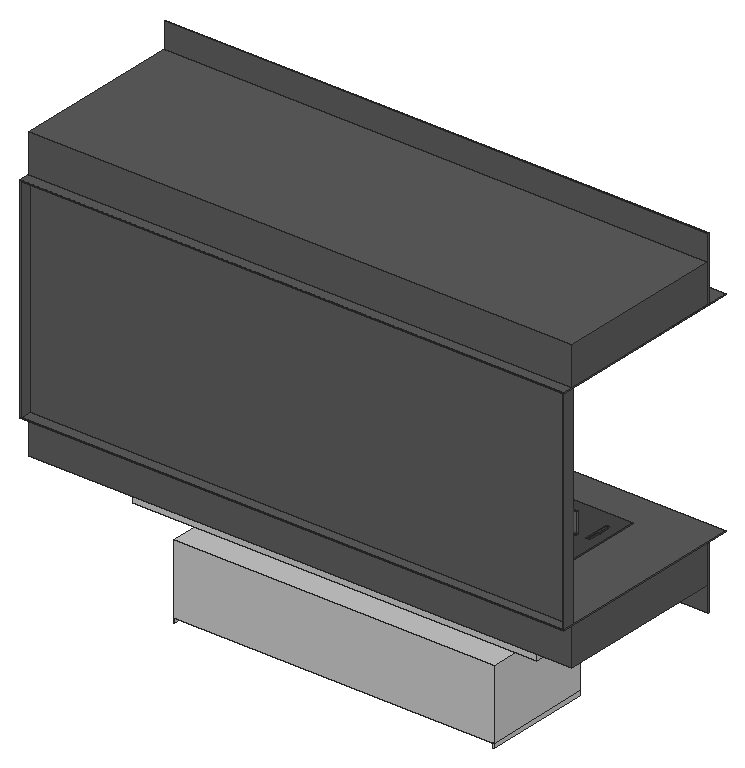
Revit family "1PLANIKA_FLA3_XL_CASING_FORMA_THREE-SIDED", category Attrezzatura meccanica, host Muro, Revit 2017
Family settings
  Host = Muro
  Quota connettore circolare = Usa diametro
  Tipo di parte = Normale
  Sempre verticale = Sì
  Taglio con vuoti quando caricato = No
  Condiviso = No
  Punto di calcolo locali = Sì
Parameters (values of type "FLA3_XL_FORMA_1200_THREE-SIDED")
  URL = "https://www.planikafires.com"
  TECHNICAL SHEET = "https://www.planikausa.com/indoor-ethanol-fireplaces/3-sided/forma-bay/"
  PRODUCT SHEET = "https://www.archiproducts.com/en/products/planika/bioethanol-fireplace-insert-fla-3-xl-in-casing-forma_431074"
  POWER SUPPLY = 230 V
  NET WEIGHT = 78.30 kg
  Modello = "FLA3 XL in FORMA THREE-SIDED"
  Produttore = "PLANIKA"
  MINIMUM ROOM CUBATURE = 81 m³
  MAXIMUM HEAT OUTPUT = 8.1 kWh
  MAXIMUM BURN TIME = "10 hours"
  MATERIAL DESCRIPTION = "Steel, galvanized steel, toughened glass."
  LENGTH = 1301 mm
  HEIGHT = 710 mm
  FUEL TYPE = "Bioethanol 86 - 96,6%"
  FUEL TANK CAPACITY = 17.2 L
  FORMA LENGTH = 1301 mm
  FLAME HEIGHT REGULATION = "6 stages"
  FLA 3 LENGTH = 990 mm
  FINISHING MATERIAL = Black painted steel -  Planika
  ENVIRONMENTAL PERFORMANCE = "Maximum heat output: 8.1 kWh"
  Descrizione = "One of the greatest advantages of this bio-ethanol fireplace is that thanks to the zero clearance, self-contained construction it gives designers endless arrangements possibilities. FORMA three sided firebox is a perfect fit for both - classy or modern look houses and apartments. Because FORMA three sided firebox doesn’t require chimney or ventilation system, it is a perfect match to any living space, residential or commercial."
  DEPTH = 450 mm
  CASING FINISH = Black powder coated steel - Planika
  BIM USER MANUAL = "https://img.edilportale.com/bim/Planika-manual-Planika-bim.pdf"
  BIM BADGE = "https://bim.archiproducts.com/en/badge/bim-archiproducts-featured_658700/about"
  BIM AUTHOR = "https://bim.archiproducts.com"
  APPLICATION = "For indoor use only"
  AIR CHANGE RATE = "1 space volume per hour"
Types (6, lengths in mm): name | NET WEIGHT | MINIMUM ROOM CUBATURE | MAXIMUM HEAT OUTPUT | MAXIMUM BURN TIME | LENGTH | FUEL TANK CAPACITY | FORMA LENGTH | FLA 3 LENGTH | ENVIRONMENTAL PERFORMANCE
  FLA3_XL_FORMA_1200_THREE-SIDED | 78.30 kg | 81 m³ | 8.1 kWh | "10 hours" | 1301 | 17.2 L | 1301 | 990 | "Maximum heat output: 8.1 kWh"
  FLA3_XL_FORMA_1000_THREE-SIDED | 65.30 kg | 69 m³ | 6.9 kWh | "32 hours" | 1098 | 13.4 L | 1098 | 790 | "Maximum heat output: 6.9 kWh"
  FLA3_XL_FORMA_1500_THREE-SIDED | 95.10 kg | 113 m³ | 11.2 kWh | "10 hours" | 1606 | 21.0 L | 1606 | 1190 | "Maximum heat output: 11.2 kWh"
  FLA3_XL_FORMA_1800_THREE-SIDED | 112.50 kg | 150 m³ | 15 kWh | "10 hours" | 1911 | 26.8 L | 1911 | 1490 | "Maximum heat output: 15 kWh"
  FLA3_XL_FORMA_2300_THREE-SIDED | 157.30 kg | 212 m³ | 21.2 kWh | "10 hours" | 2419 | 36.3 L | 2419 | 1990 | "Maximum heat output: 21.2 kWh"
  FLA3_XL_FORMA_2700_THREE-SIDED | 230.90 kg | 275 m³ | 27.5 kWh | "10 hours" | 2774 | 45.9 L | 2774 | 2490 | "Maximum heat output: 27.5 kWh"
Reference planes
  plane 1 "Wall": y = 0
  plane 2 "Center (Left/Right)": x = 125
  plane 3 "Back": y = 250
  plane 4: x = 775.5
  plane 5: x = -525.5
Forms (mm)
  Extrusion 1, void
    sketch origin (125, 0, 0) x (0, 1, 0) y (0, 0, 1)
      loop
        line (-206, 1898.739) -> (-206, 1390.739) -> (250, 1390.739) -> (250, 1898.739) -> (-206, 1898.739)
    from -650.5 to 650.5
Text (mm)
  text "Placement Side" at (-1848.837, 1116.779, 0), in view "Ref. Level"
  text "Placement side" at (0, 1409.804, 2854.306), in view "Left"
  text "Placement side" at (0, 499.811, 2980.732), in view "Right"
Dimensions and locks
  locked: plane 3 "Back" to host wall
  equal spacing: plane 4, plane 2 "Center (Left/Right)", plane 5
  "FORMA LENGTH": plane 4 to plane 5
  locked: plane 3 "Back" to nested 2 at 228.2
  aligned and locked: plane 1 "Wall" to host wall
  aligned and locked: nested 1 to plane 2 "Center (Left/Right)"
  aligned and locked: nested 2 to plane 2 "Center (Left/Right)"
  aligned and locked: plane 3 "Back" to Extrusion 1 sketch curve
  aligned and locked: nested 1 to plane 3 "Back"
  aligned and locked: Extrusion 1 to plane 5
  aligned and locked: plane 4 to Extrusion 1
  aligned and locked: Extrusion 1 sketch curve to nested 1  (x2)
  aligned and locked: nested 1 to Extrusion 1 sketch curve
Nested families
  nested 1: "CASING_FORMA" at (125, 200, 1644.739) x (-1, 0, 0) z (0, 1, 0), Length <- "FORMA LENGTH", MATERIAL <- "CASING FINISH", type "CASING_FORMA"
    with MATERIAL Black powder coated steel - Planika, Length 1301 mm
  nested 2: "FLA_3_XL" at (125, 21.8, 993.239) x (-1, 0, 0) z (0, 0, 1), Length <- "FLA 3 LENGTH", Material <- "FINISHING MATERIAL", type "FLA_3_XL"
Connectors
  electrical at (77.672, -76.643, 1213.239), driven by "POWER SUPPLY"
    settings: on nested 2, index 1, voltage 230 V, apparent load 0 VA, apparent load phase1 0 VA, apparent load phase2 0 VA, apparent load phase3 0 VA, power factor 1, load classification "Power", number of poles 1, system type 31, power factor state 1, is connector primary yes, connector utility no, sub classification motor no, connector description ""
Definition of nested family "CASING_FORMA"
  Parameters (values of type "CASING_FORMA")
    Width = 406 mm
    Height = 688 mm
    Length [instance] = 1301 mm
    MATERIAL [instance] = none
    Default Elevation = 1219.2 mm
  Reference planes
    plane 1 "Center (Front/Back)": y = 0
    plane 2: z = 0
    plane 3 "Center (Left/Right)": x = 0
    plane 4: x = -645.5
    plane 5: x = 645.5
    plane 6: y = 344
    plane 7: y = -344
    plane 8: z = -406
    plane 9: x = -650.5
    plane 10: x = 650.5
  Forms (mm)
    Extrusion 1, solid, material <- "MATERIAL", detail levels medium+fine
      sketch origin (0, 0, 0) x (1, 0, 0) y (0, 1, 0)
        loop
          line (-645.5, -254) -> (645.5, -254) -> (645.5, -251.5) -> (-645.5, -251.5) -> (-645.5, -254)
        loop
          line (-645.5, 254) -> (-645.5, 251.5) -> (645.5, 251.5) -> (645.5, 254) -> (-645.5, 254)
      from -431 to 50
    Extrusion 2, solid, material <- "MATERIAL", detail levels fine
      sketch origin (0, 0, 0) x (1, 0, 0) y (0, 1, 0)
        loop
          line (-645.5, 254) -> (645.5, 254) -> (645.5, 404) -> (-645.5, 404) -> (-645.5, 254)
      from -2.5 to 0
    Extrusion 3, solid, material <- "MATERIAL", detail levels fine
      sketch origin (0, 300, 0) x (1, 0, 0) y (0, 1, 0)
        loop
          line (-645.5, -554) -> (-645.5, -704) -> (645.5, -704) -> (645.5, -554) -> (-645.5, -554)
      from -2.5 to 0
    Extrusion 4, solid, material <- "MATERIAL", detail levels medium+fine
      sketch origin (0, 0, 0) x (1, 0, 0) y (0, 1, 0)
        loop
          line (-643, 251.5) -> (-643, -251.5) -> (643, -251.5) -> (643, 251.5) -> (-643, 251.5)
      from -406 to -403.5
    Extrusion 5, solid, material <- "MATERIAL", detail levels medium+fine
      sketch origin (0, 0, 0) x (1, 0, 0) y (0, 0, 1)
        loop
          line (-645.5, -406) -> (645.5, -406) -> (645.5, -2.5) -> (-645.5, -2.5) -> (-645.5, -406)
      from -344 to -254
    Extrusion 6, solid, material <- "MATERIAL", detail levels medium+fine
      sketch origin (10, 0, 0) x (1, 0, 0) y (0, 0, 1)
        loop
          line (-655.5, -406) -> (635.5, -406) -> (635.5, -2.5) -> (-655.5, -2.5) -> (-655.5, -406)
      from 254 to 344
    Extrusion 7, solid, material <- "MATERIAL", detail levels medium+fine
      sketch origin (0, 0, 0) x (1, 0, 0) y (0, 1, 0)
        loop
          line (-645.5, -251.5) -> (-643, -251.5) -> (-643, 251.5) -> (-645.5, 251.5) -> (-645.5, -251.5)
        loop
          line (643, -251.5) -> (645.5, -251.5) -> (645.5, 251.5) -> (643, 251.5) -> (643, -251.5)
      from -403.5 to -431
  Dimensions and locks
    equal spacing: plane 4, plane 3 "Center (Left/Right)", plane 5
    equal spacing: plane 7, plane 1 "Center (Front/Back)", plane 6
    "Height": plane 7 to plane 6
    "Width": plane 2 to plane 8
    locked: Extrusion 1 sketch curve to Extrusion 1 sketch curve at 2.5  (x2)
    Extrusion 2 sketch curve to plane 6 to Extrusion 2 sketch curve = 60 mm locked, 90 mm locked
    Extrusion 3 sketch curve to plane 7 to Extrusion 3 sketch curve = 90 mm locked, 60 mm locked
    locked: Extrusion 3 to Extrusion 3 at 2.5
    locked: Extrusion 2 to Extrusion 2 at 2.5
    locked: Extrusion 1 to plane 2 at 50
    locked: Extrusion 1 to plane 8 at 25
    locked: Extrusion 4 to plane 8 at 2.5
    locked: plane 5 to plane 10 at 5
    locked: plane 9 to plane 4 at 5
    "Length": plane 9 to plane 10
    locked: Extrusion 4 to Extrusion 4 at 2.5
    aligned and locked: level to plane 2
    aligned and locked: Extrusion 1 sketch curve to plane 4
    aligned and locked: Extrusion 1 sketch curve to plane 5
    aligned and locked: Extrusion 1 sketch curve to Extrusion 2
    aligned and locked: plane 2 to Extrusion 2
    aligned and locked: plane 2 to Extrusion 3
    aligned and locked: plane 8 to Extrusion 4
    aligned and locked: Extrusion 5 sketch curve to plane 8
    aligned and locked: plane 5 to Extrusion 5 sketch curve
    aligned and locked: Extrusion 5 sketch curve to plane 4
    aligned and locked: Extrusion 5 to Extrusion 2
    aligned and locked: Extrusion 5 to plane 6
    aligned and locked: plane 7 to Extrusion 6
    aligned and locked: Extrusion 6 to Extrusion 3
    aligned and locked: Extrusion 6 sketch curve to plane 8
    aligned and locked: plane 4 to Extrusion 3 sketch curve
    aligned and locked: plane 5 to Extrusion 3 sketch curve
    aligned and locked: Extrusion 2 sketch curve to plane 4
    aligned and locked: Extrusion 2 sketch curve to plane 5
    aligned and locked: Extrusion 1 to plane 4
    aligned and locked: Extrusion 1 to plane 5
    aligned and locked: Extrusion 4 to Extrusion 7 sketch curve  (x2)
    aligned and locked: Extrusion 7 sketch curve to Extrusion 4  (x2)
    aligned and locked: Extrusion 1 to Extrusion 7
    aligned and locked: Extrusion 7 to Extrusion 4
    aligned and locked: Extrusion 5 sketch curve to Extrusion 3
    aligned and locked: Extrusion 6 to plane 4
    aligned and locked: Extrusion 6 to plane 5
  Automatic sketch dimensions
    Extrusion 1 sketch curve to plane 7 = 92.5 mm
    Extrusion 1 sketch curve to plane 4 = 0 mm
    Extrusion 1 sketch curve to plane 5 = 0 mm
    plane 4 to Extrusion 4 sketch curve = 2.5 mm
    plane 5 to Extrusion 4 sketch curve = 2.5 mm
    Extrusion 6 sketch curve to level = 2.5 mm
    Extrusion 4 sketch curve to plane 7 = 92.5 mm
    plane 6 to Extrusion 4 sketch curve = 92.5 mm
    Extrusion 6 sketch curve to plane 5 = 0 mm
    plane 9 to Extrusion 6 sketch curve = 5 mm
    Extrusion 7 sketch curve to plane 4 = 0 mm
    Extrusion 7 sketch curve to plane 5 = 0 mm
    Extrusion 7 sketch curve to plane 7 = 92.5 mm
    plane 6 to Extrusion 7 sketch curve = 92.5 mm
Definition of nested family "FLA_3_XL"
  Parameters (values of type "FLA_3_XL")
    URL = ""
    Model = ""
    Material [instance] = none
    Manufacturer = ""
    Length [instance] = 990 mm
    Description = ""
    Default Elevation = 1219.2 mm
  Reference planes
    plane 1 "Center (Front/Back)": y = 0
    plane 2: z = 0
    plane 3 "Center (Left/Right)": x = 0
    plane 4: x = -495
    plane 5: x = 495
    plane 6: x = -400
    plane 7: x = 400
    plane 8: x = -447.5
    plane 9: x = 447.5
    plane 10 "Level 1": z = 0
    plane 11: z = 455.862
  Forms (mm)
    Extrusion 1, solid, material <- "Material", detail levels fine
      sketch origin (0, 0, 0) x (0, 1, 0) y (-1, 0, 0)
        loop
          line (-139.982, 495) -> (-139.982, -495) -> (139.98, -495) -> (139.98, 495) -> (-139.982, 495)
        loop
          line (-19.978, 400) -> (-19.978, -400) -> (23.031, -400) -> (23.031, 400) -> (-19.978, 400)
        loop
          line (-72.434, 475) -> (-101.434, 475) -> (-101.434, 470) -> (-72.434, 470) -> (-72.434, 475)
        loop
          line (-72.434, 468) -> (-101.434, 468) -> (-101.434, 463) -> (-72.434, 463) -> (-72.434, 468)
        loop
          line (-41.457, 475) -> (-70.457, 475) -> (-70.457, 470) -> (-41.457, 470) -> (-41.457, 475)
        loop
          line (-41.457, 468) -> (-70.457, 468) -> (-70.457, 463) -> (-41.457, 463) -> (-41.457, 468)
        loop
          line (-70.457, -475) -> (-41.457, -475) -> (-41.457, -470) -> (-70.457, -470) -> (-70.457, -475)
        loop
          line (-70.457, -468) -> (-41.457, -468) -> (-41.457, -463) -> (-70.457, -463) -> (-70.457, -468)
        loop
          line (-101.434, -475) -> (-72.434, -475) -> (-72.434, -470) -> (-101.434, -470) -> (-101.434, -475)
        loop
          line (-101.434, -468) -> (-72.434, -468) -> (-72.434, -463) -> (-101.434, -463) -> (-101.434, -468)
      from 400 to 403
    Extrusion 2, solid, detail levels fine
      sketch origin (0, 0, 0) x (0, 1, 0) y (-1, 0, 0)
        loop
          line (125.097, -480) -> (125.097, 480) -> (-125.1, 480) -> (-125.1, -480) -> (125.097, -480)
        loop
          line (-122.1, -477) -> (122.097, -477) -> (122.097, 477) -> (-122.1, 477) -> (-122.1, -477)
      from 220 to 400
    Extrusion 3, solid, detail levels fine
      sketch origin (-500, 1995.821, 1200) x (0, 1, 0) y (0, 0, 1)
        loop
          arc (-1972.79, -797) -> (-1977.026, -798.755) -> (-1978.781, -802.99) r 5.99
          line (-1978.781, -802.99) -> (-1978.781, -820.489) -> (-1976.085, -820.489) -> (-1976.085, -802.99)
          arc (-1976.085, -802.99) -> (-1975.12, -800.661) -> (-1972.79, -799.696) r 3.294
          line (-1972.79, -799.696) -> (-1972.79, -797)
        loop
          line (-2015.801, -797) -> (-2015.801, -799.696)
          arc (-2015.801, -799.696) -> (-2013.472, -800.661) -> (-2012.507, -802.99) r 3.294
          line (-2012.507, -802.99) -> (-2012.507, -820.489) -> (-2009.81, -820.489) -> (-2009.81, -802.99)
          arc (-2009.81, -802.99) -> (-2011.565, -798.755) -> (-2015.801, -797) r 5.99
      from 100 to 900
    Extrusion 4, solid, detail levels fine
      sketch origin (0, 0, 0) x (0, 1, 0) y (-1, 0, 0)
        loop
          line (122.097, 477) -> (-122.1, 477) -> (-122.1, -477) -> (122.097, -477) -> (122.097, 477)
      from 220 to 223
    Extrusion 5, solid, detail levels fine
      sketch origin (0, 0, 0) x (0, 1, 0) y (-1, 0, 0)
        loop
          circle (-36.96, 0) r 7.5
      from 403 to 422
    Extrusion 6, solid, detail levels fine
      sketch origin (0, 0, 0) x (0, 1, 0) y (-1, 0, 0)
        loop
          circle (-36.96, -250) r 7.5
      from 403 to 422
    Extrusion 7, solid, detail levels fine
      sketch origin (0, 0, 0) x (0, 1, 0) y (-1, 0, 0)
        loop
          circle (-36.96, 250) r 7.5
      from 403 to 422
    Extrusion 8, solid, detail levels fine
      sketch origin (-447.5, 1995.821, 1200) x (0, 1, 0) y (0, 0, 1)
        loop
          line (-2030.396, -744.138) -> (-2035.196, -744.138)
          arc (-2035.196, -744.138) -> (-2035.55, -744.284) -> (-2035.696, -744.638) r 0.5
          line (-2035.696, -744.638) -> (-2035.696, -793.638)
          arc (-2035.696, -793.638) -> (-2035.55, -793.991) -> (-2035.196, -794.138) r 0.5
          line (-2035.196, -794.138) -> (-2030.396, -794.138)
          arc (-2030.396, -794.138) -> (-2030.043, -793.991) -> (-2029.896, -793.638) r 0.5
          line (-2029.896, -793.638) -> (-2029.896, -744.638)
          arc (-2029.896, -744.638) -> (-2030.043, -744.284) -> (-2030.396, -744.138) r 0.5
      from 0 to 895
    Extrusion 9, solid, detail levels medium
      sketch origin (0, 0, 0) x (0, 1, 0) y (-1, 0, 0)
        loop
          line (-139.982, 495) -> (-139.982, -495) -> (139.98, -495) -> (139.98, 495) -> (-139.982, 495)
      from 0 to 400
    Extrusion 10, solid, detail levels fine
      sketch origin (-447.5, 1994.334, 1200) x (0, 1, 0) y (0, 0, 1)
        loop
          line (-1984.329, -792.199) -> (-1989.312, -792.199) -> (-1989.312, -795.189) -> (-1985.824, -795.189) -> (-1985.824, -802.166) -> (-2002.767, -802.166) -> (-2002.767, -795.189) -> (-1999.279, -795.189) -> (-1999.279, -792.199) -> (-2004.262, -792.199) -> (-2004.262, -822.1) -> (-1984.329, -822.1) -> (-1984.329, -792.199)
      from 47.5 to 847.5
    Extrusion 11, solid, detail levels fine
      sketch origin (0, 0, 0) x (0, 1, 0) y (-1, 0, 0)
        loop
          line (127, 381) -> (-127, 381) -> (-127, -381) -> (127, -381) -> (127, 381)
      from 10 to 176
    Extrusion 12, solid, detail levels fine
      sketch origin (96, 0, 0) x (1, 0, 0) y (0, 1, 0)
        loop
          line (-477, -127) -> (-474, -127) -> (-474, 127) -> (-477, 127) -> (-477, -127)
      from 0 to 10
    Extrusion 13, solid, detail levels fine
      sketch origin (-225, 0, 0) x (-1, 0, 0) y (0, -1, 0)
        loop
          line (-606, 127) -> (-606, -127) -> (-603, -127) -> (-603, 127) -> (-606, 127)
      from 0 to 10
    Extrusion 14, solid, detail levels fine
      sketch origin (0, 0, 0) x (1, 0, 0) y (0, 1, 0)
        loop
          line (32.328, 108.443) -> (32.328, 88.443) -> (62.328, 88.443) -> (62.328, 108.443) -> (32.328, 108.443)
      from 220 to 223
  Lines and regions (mm)
    model lines, detail levels coarse+medium
      curve 1: line (-495, -139.982, 0) -> (495, -139.982, 0)
      curve 2: line (-495, 139.98, 0) -> (-495, -139.982, 0)
      curve 3: line (495, 139.98, 0) -> (-495, 139.98, 0)
      curve 4: line (495, -139.982, 0) -> (495, 139.98, 0)
    model lines, detail levels medium
      curve 5: line (-400, -19.978, 0) -> (400, -19.978, 0)
      curve 6: line (-400, 23.031, 0) -> (-400, -19.978, 0)
      curve 7: line (400, 23.031, 0) -> (-400, 23.031, 0)
      curve 8: line (400, -19.978, 0) -> (400, 23.031, 0)
      curve 9: line (-447.5, -39.875, 0) -> (447.5, -39.875, 0)
      curve 10: line (-447.5, -34.075, 0) -> (-447.5, -39.875, 0)
      curve 11: line (447.5, -34.075, 0) -> (-447.5, -34.075, 0)
      curve 12: line (447.5, -39.875, 0) -> (447.5, -34.075, 0)
  Dimensions and locks
    equal spacing: plane 4, plane 3 "Center (Left/Right)", plane 5
    "Length": plane 4 to plane 5
    locked: plane 4 to plane 6 at 95
    locked: plane 7 to plane 5 at 95
    equal spacing: plane 4, plane 8, plane 6
    equal spacing: plane 7, plane 9, plane 5
    Extrusion 10 sketch curve to Extrusion 10 sketch curve to Extrusion 10 sketch curve to Extrusion 10 sketch curve = 19.934 mm locked, 6.977 mm locked, 2.99 mm locked
    locked: plane 10 "Level 1" to Extrusion 10 sketch curve at 377.9
    Extrusion 3 sketch curve to Extrusion 3 sketch curve to Extrusion 3 sketch curve to plane 10 "Level 1" = 2.696 mm locked, 20.792 mm locked, 379.511 mm locked
    plane 10 "Level 1" to Extrusion 8 sketch curve to Extrusion 8 sketch curve = 405.862 mm locked, 50 mm locked
    locked: Extrusion 14 to Extrusion 14 at 3
    locked: plane 11 to plane 2 at 455.862
    Extrusion 11 to plane 3 "Center (Left/Right)" to Extrusion 11 = 381 mm locked, 381 mm locked
    locked: Extrusion 12 sketch curve to Extrusion 12 sketch curve at 3
    locked: Extrusion 13 sketch curve to Extrusion 13 sketch curve at 3
    aligned and locked: level to plane 2
    aligned and locked: Extrusion 1 sketch curve to plane 4
    aligned and locked: plane 5 to Extrusion 1 sketch curve
    aligned and locked: Extrusion 3 to plane 6
    aligned and locked: plane 7 to Extrusion 3
    aligned and locked: Extrusion 8 to plane 8
    aligned and locked: plane 9 to Extrusion 8
    aligned and locked: Extrusion 9 sketch curve to Extrusion 1  (x2)
    aligned and locked: curve 2 to Extrusion 1
    aligned and locked: curve 4 to Extrusion 1
    aligned and locked: curve 6 to Extrusion 1
    aligned and locked: curve 10 to Extrusion 8
    aligned and locked: curve 12 to Extrusion 8
    aligned and locked: Extrusion 10 to Extrusion 1  (x2)
    aligned and locked: Extrusion 1 sketch curve to plane 7
    aligned and locked: Extrusion 2 to Extrusion 14
    aligned and locked: plane 4 to nested 1
    aligned and locked: nested 1 to Extrusion 1  (x2)
    aligned and locked: nested 2 to plane 11
    aligned and locked: nested 2 to plane 2
    aligned and locked: plane 4 to nested 2
    aligned and locked: plane 5 to nested 2
    aligned and locked: nested 3 to plane 11
    aligned and locked: nested 3 to plane 2
    aligned and locked: nested 3 to Extrusion 9  (x2)
    aligned and locked: Extrusion 12 to Extrusion 11
    aligned and locked: Extrusion 13 to Extrusion 11
  Automatic sketch dimensions
    curve 7 to plane 7 = 0 mm
    plane 1 "Center (Front/Back)" to curve 1 = 139.982 mm
    plane 1 "Center (Front/Back)" to curve 9 = 39.875 mm
    curve 9 to curve 11 = 5.8 mm
    plane 1 "Center (Front/Back)" to curve 6 = 19.978 mm
    curve 8 to plane 1 "Center (Front/Back)" = 23.031 mm
    curve 3 to plane 1 "Center (Front/Back)" = 139.98 mm
    Extrusion 1 sketch curve to plane 6 = 0 mm
    plane 1 "Center (Front/Back)" to Extrusion 1 sketch curve = 139.982 mm
    Extrusion 1 sketch curve to plane 5 = 20 mm  (x2)
    Extrusion 1 sketch curve to Extrusion 1 sketch curve = 38.548 mm  (x2)
    Extrusion 1 sketch curve to Extrusion 1 sketch curve = 0 mm  (x10)
    Extrusion 1 sketch curve to plane 8 = 15.5 mm
    Extrusion 1 sketch curve to Extrusion 1 sketch curve = 29 mm  (x4)
    Extrusion 1 sketch curve to Extrusion 1 sketch curve = 1.977 mm  (x4)
    plane 1 "Center (Front/Back)" to Extrusion 1 sketch curve = 19.978 mm
    Extrusion 1 sketch curve to plane 1 "Center (Front/Back)" = 23.031 mm
    Extrusion 1 sketch curve to plane 1 "Center (Front/Back)" = 139.98 mm
    Extrusion 1 sketch curve to Extrusion 1 sketch curve = 5 mm  (x7)
    Extrusion 1 sketch curve to Extrusion 1 sketch curve = 2 mm  (x2)
    plane 4 to Extrusion 2 sketch curve = 15 mm
    plane 1 "Center (Front/Back)" to Extrusion 2 sketch curve = 125.1 mm
    Extrusion 2 sketch curve to Extrusion 2 sketch curve = 3 mm  (x4)
    Extrusion 2 sketch curve to plane 5 = 18 mm
    Extrusion 2 sketch curve to plane 1 "Center (Front/Back)" = 122.097 mm
    Extrusion 3 sketch curve to Extrusion 3 sketch curve = 0 mm  (x3)
    plane 1 "Center (Front/Back)" to Extrusion 3 sketch curve = 19.98 mm
    plane 1 "Center (Front/Back)" to Extrusion 3 sketch curve = 16.685 mm
    Extrusion 3 sketch curve to plane 1 "Center (Front/Back)" = 17.041 mm
    Extrusion 3 sketch curve to Extrusion 3 sketch curve = 2.696 mm
    Extrusion 3 sketch curve to Extrusion 3 sketch curve = 3.294 mm
    Extrusion 3 sketch curve to Extrusion 3 sketch curve = 17.498 mm
    plane 4 to Extrusion 4 sketch curve = 18 mm
    plane 1 "Center (Front/Back)" to Extrusion 4 sketch curve = 122.1 mm
    Extrusion 4 sketch curve to plane 1 "Center (Front/Back)" = 122.097 mm
    Extrusion 4 sketch curve to plane 5 = 18 mm
    Extrusion 5 sketch curve to plane 3 "Center (Left/Right)" = 0 mm
    plane 1 "Center (Front/Back)" to Extrusion 5 sketch curve = 36.96 mm
    plane 1 "Center (Front/Back)" to Extrusion 6 sketch curve = 36.96 mm
    Extrusion 6 sketch curve to plane 7 = 150 mm
    plane 1 "Center (Front/Back)" to Extrusion 7 sketch curve = 36.96 mm
    plane 6 to Extrusion 7 sketch curve = 150 mm
    plane 1 "Center (Front/Back)" to Extrusion 8 sketch curve = 39.875 mm
    Extrusion 8 sketch curve to Extrusion 8 sketch curve = 0.5 mm  (x3)
    Extrusion 8 sketch curve to Extrusion 8 sketch curve = 4.8 mm  (x2)
    plane 1 "Center (Front/Back)" to Extrusion 9 sketch curve = 139.982 mm
    Extrusion 9 sketch curve to plane 1 "Center (Front/Back)" = 139.98 mm
    plane 1 "Center (Front/Back)" to Extrusion 10 sketch curve = 9.928 mm
    plane 1 "Center (Front/Back)" to Extrusion 10 sketch curve = 8.433 mm
    Extrusion 10 sketch curve to Extrusion 10 sketch curve = 3.488 mm  (x2)
    Extrusion 10 sketch curve to plane 1 "Center (Front/Back)" = 5.022 mm
    Extrusion 10 sketch curve to Extrusion 10 sketch curve = 1.495 mm
    Extrusion 10 sketch curve to Extrusion 10 sketch curve = 6.977 mm
    Extrusion 10 sketch curve to Extrusion 10 sketch curve = 2.99 mm
    plane 6 to Extrusion 11 sketch curve = 19 mm
    plane 1 "Center (Front/Back)" to Extrusion 11 sketch curve = 127 mm
    Extrusion 11 sketch curve to plane 1 "Center (Front/Back)" = 127 mm
    Extrusion 11 sketch curve to plane 7 = 19 mm
    plane 6 to Extrusion 12 sketch curve = 19 mm
    plane 1 "Center (Front/Back)" to Extrusion 12 sketch curve = 127 mm
    Extrusion 12 sketch curve to plane 1 "Center (Front/Back)" = 127 mm
    plane 7 to Extrusion 13 sketch curve = 19 mm
    Extrusion 13 sketch curve to plane 1 "Center (Front/Back)" = 127 mm
    plane 1 "Center (Front/Back)" to Extrusion 13 sketch curve = 127 mm
    plane 3 "Center (Left/Right)" to Extrusion 14 sketch curve = 32.328 mm
    Extrusion 14 sketch curve to Extrusion 14 sketch curve = 30 mm
    Extrusion 14 sketch curve to plane 1 "Center (Front/Back)" = 88.443 mm
    Extrusion 14 sketch curve to Extrusion 14 sketch curve = 20 mm
    radius of Extrusion 5 sketch curve = 7.5 mm
    radius of Extrusion 6 sketch curve = 7.5 mm
    radius of Extrusion 7 sketch curve = 7.5 mm
  Nested families
    nested 1: "FIREPLACE_SYMBOL_detail item" at (175, -0.001, 0), type "FIREPLACE_SYMBOL_detail item", detail levels coarse
      with WIDTH 1340 mm, HEIGHT 279.962 mm
    nested 2: "FIREPLACE_SYMBOL_detail item" at (0, 0, 227.931) x (1, 0, 0) z (0, -1, 0), type "FIREPLACE_SYMBOL_detail item", detail levels coarse
      with WIDTH 990 mm, HEIGHT 455.862 mm
    nested 3: "FIREPLACE_SYMBOL_detail item" at (0, -0.001, 227.931) x (0, 1, 0) z (1, 0, 0), type "FIREPLACE_SYMBOL_detail item", detail levels coarse
      with WIDTH 279.962 mm, HEIGHT 455.862 mm
  Connectors
    electrical at (47.328, 98.443, 220)
      settings: on Extrusion 14, index 1, voltage 230 V, apparent load 0 VA, apparent load phase1 0 VA, apparent load phase2 0 VA, apparent load phase3 0 VA, power factor 1, load classification none, number of poles 1, system type 31, power factor state 1, is connector primary yes, connector utility no, sub classification motor no, connector description ""
  Definition of nested family "FIREPLACE_SYMBOL_detail item"
    Parameters (values of type "FIREPLACE_SYMBOL_detail item")
      WIDTH [instance] = 500 mm
      HEIGHT [instance] = 500 mm
    Reference planes
      plane 1 "Center (Front/Back)": y = 0
      plane 2: z = 0
      plane 3 "Center (Left/Right)": x = 0
      plane 4: x = 250
      plane 5: x = -250
      plane 6: y = 250
      plane 7: y = -250
    Lines and regions (mm)
      Filled region 1, type "Concrete", in view "Ref. Level"
        outline origin (-246.617, 90, 0) x (1, 0, 0) y (0, 1, 0)
          loop
            line (-3.383, -340) -> (496.617, -340) -> (496.617, 160) -> (-3.383, -340)
      detail lines, in view "Ref. Level"
        curve 1: line (-250, 250, 0) -> (250, 250, 0)
        curve 2: line (-250, -250, 0) -> (-250, 250, 0)
        curve 3: line (250, -250, 0) -> (-250, -250, 0)
        curve 4: line (250, 250, 0) -> (250, -250, 0)
    Dimensions and locks
      equal spacing: plane 5, plane 3 "Center (Left/Right)", plane 4
      equal spacing: plane 7, plane 1 "Center (Front/Back)", plane 6
      "WIDTH": plane 5 to plane 4
      "HEIGHT": plane 7 to plane 6
      aligned and locked: plane 6 to curve 1
      aligned and locked: plane 5 to curve 2
      aligned and locked: curve 3 to plane 7
      aligned and locked: curve 4 to plane 4
      aligned and locked: plane 6 to Filled region 1 sketch curve
      aligned and locked: plane 5 to Filled region 1 sketch curve
      aligned and locked: Filled region 1 sketch curve to plane 4
      aligned and locked: plane 7 to Filled region 1 sketch curve
